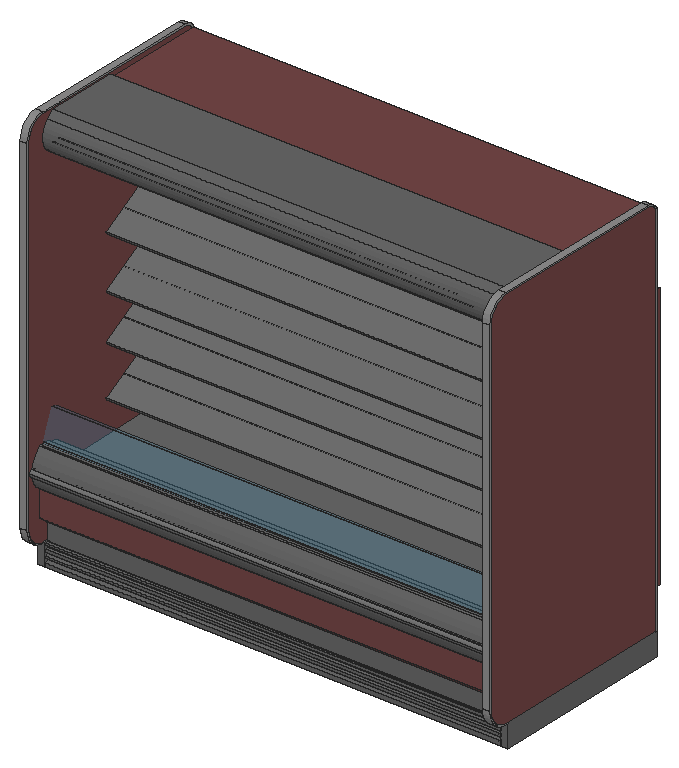
Revit family "O5MH-NRG-", category Mechanical Equipment, Revit 2015
Parameters (values of type "8'")
  Width = 43.11024"
  URL = "http://www.hillphoenix.com"
  TOP REFRIGERATION PIPING = yes
  TOP ELECTRICAL = yes
  TOEKICK [instance] = BLACK PAINTED METAL
  STAINLESS STEEL = GALVANIZED STEEL
  Refgn = 28 5/8"
  RT STD END = yes
  REFRIGERATION PIPING = COPPER PIPE
  RUBBER BUMPER [instance] = BLACK
  REAR REFRIGERATION PIPING = yes
  PAINTED METAL UPPER SHELF = PAINTED SHELVES
  PAINTED METAL INTERIOR [instance] = GALVANIZED STEEL
  PAINTED METAL EXTERIOR [instance] = CHARCOAL BROWN
  Model = "O5MH-NRG"  # constant formula
  Manufacturer = "HILLPHOENIX"  # constant formula
  Length = 96"
  Legend Number = Model  # "O5MH-NRG"
  LF STD END = yes
  Keynote = ""  # constant formula
  Item Description = Description  # "High Multi-Deck Merchandiser"
  Height = 85 5/8"  # constant formula
  GLASS = Glass
  EQUIPMENT MARK = Legend Number  # "O5MH-NRG"
  EQUIPMENT DESCRIPTION = Item Description  # "High Multi-Deck Merchandiser"
  Description = "High Multi-Deck Merchandiser"  # constant formula
  DRAIN PIPING = yes
  DRAIN LINE = 48"
  DESIGNERS NAME = "TAGrequest@hillphoenix.com"  # constant formula
  DATE = "DOE 2017"  # constant formula
  Certifications = "NSF 7, UL471, CSA"  # constant formula
  CENTER LINE = Length / 2  # 48"
  BOTTOM REFRIGERATION PIPING = yes
  BOTTOM ELECTRICAL = yes
  BASE [instance] = BLACK PAINTED METAL
  Assembly Code = ""
  20" Shelf = yes
Types (4): name | Refgn | Length | DRAIN LINE | CENTER LINE
  4' | 22 1/2" | 48" | 36" | 24"
  6' | 28 5/8" | 72" | 36" | 36"
  8' | 28 5/8" | 96" | 48" | 48"
  12' | 28 5/8" | 144" | 72" | 72"
Reference planes (in)
  plane 1: z = 0.01963
  plane 2 "LEFT": x = 0
  plane 3 "CASE RIGHT": x = 96
  plane 4: z = 0
  plane 5: y = -15.80744
  plane 6: x = 97.5
  plane 7: x = 48
  plane 8: z = 85.625
  plane 9: z = 29.72441
  plane 10: y = -58.91767
  plane 11: y = -44.43244
Forms (in)
  Extrusion 1, solid, material "BLACK PAINTED METAL" <- "BASE"
    sketch origin (0, 0, 0) x (0, 1, 0) y (0, 0, 1)
      loop
        line (-15.80744, 5.125) -> (-47.55744, 5.125) -> (-47.55744, 0) -> (-45.71494, 0) -> (-45.71494, 2.94807) -> (-17.58744, 2.94807) -> (-17.58744, 0) -> (-15.80744, 0) -> (-15.80744, 5.125)
    from 0 to 96
  Extrusion 2, solid, material "BLACK PAINTED METAL" <- "BASE"
    sketch origin (0, 0, 0) x (0, 1, 0) y (0, 0, 1)
      loop
        line (-50.20012, 5.125) -> (-53.93244, 8.13836) -> (-53.93244, 0.43216) -> (-47.55744, 0.43216) -> (-47.55744, 5.125) -> (-50.20012, 5.125)
    from 0 to 96
  Extrusion 3, solid, material "BLACK PAINTED METAL" <- "TOEKICK"
    sketch origin (0, 0, 0) x (0, 1, 0) y (0, 0, 1)
      loop
        line (-54.22902, 8.37781) -> (-54.22902, 4.78705) -> (-54.22902, 4.64409)
        arc (-54.22902, 4.64409) -> (-54.38049, 4.5454) -> (-54.55908, 4.51727) r 0.43232
        line (-54.55908, 4.51727) -> (-54.55908, 4.01727) -> (-54.48058, 4.01727) -> (-54.06179, 4.09724) -> (-54.19916, 3.66264)
        arc (-54.19916, 3.66264) -> (-54.3352, 3.43693) -> (-54.55908, 3.29789) r 0.56287
        line (-54.55908, 3.29789) -> (-54.55908, 2.79789) -> (-54.48058, 2.79789) -> (-54.06179, 2.88284) -> (-54.19916, 2.44327)
        arc (-54.19916, 2.44327) -> (-54.33489, 2.21725) -> (-54.55908, 2.07851) r 0.55931
        line (-54.55908, 2.07851) -> (-54.55908, 1.57851) -> (-54.48058, 1.57851) -> (-54.06179, 1.66347) -> (-54.18557, 1.22002)
        arc (-54.18557, 1.22002) -> (-54.3739, 0.95321) -> (-54.68244, 0.84617) r 0.53344
        line (-54.68244, 0.84617) -> (-54.68244, 0) -> (-53.93244, 0) -> (-53.93244, 8.13836) -> (-54.22902, 8.37781)
    from 0 to 96
  Extrusion 4, solid, material "BLACK PAINTED METAL" <- "BASE"
    sketch origin (0, 0, 0) x (0, 1, 0) y (0, 0, 1)
      loop
        line (-54.08842, 23.63966) -> (-55.88342, 23.63966)
        arc (-55.88342, 23.63966) -> (-56.11147, 23.59657) -> (-56.30808, 23.47323) r 0.625
        arc (-56.30808, 23.47323) -> (-57.57311, 21.90719) -> (-58.34013, 20.04588) r 7
        arc (-58.34013, 20.04588) -> (-57.79029, 19.89001) -> (-57.55126, 19.3709) r 0.68321
        arc (-57.55126, 19.3709) -> (-57.78012, 18.86067) -> (-58.31336, 18.69226) r 0.68321
        arc (-58.31336, 18.69226) -> (-57.85044, 17.31718) -> (-57.05436, 16.10416) r 5.68215
        line (-57.05436, 16.10416) -> (-56.24686, 16.10416) -> (-56.24686, 15.40325) -> (-54.30253, 15.40325) -> (-54.30253, 23.02696) -> (-54.08842, 23.02696) -> (-54.08842, 23.63966)
    from 0 to 96
  Extrusion 5, solid, material "BLACK PAINTED METAL" <- "BASE"
    sketch origin (0, 0, 0) x (0, 1, 0) y (0, 0, 1)
      loop
        arc (-54.30253, 13.448) -> (-52.47048, 9.13196) -> (-48.09313, 7.45166) r 6
        line (-48.09313, 7.45166) -> (-45.80791, 6.18488) -> (-43.17736, 6.18488) -> (-41.08634, 7.70386) -> (-23.60242, 8.33316)
        arc (-23.60242, 8.33316) -> (-19.4889, 10.16196) -> (-17.78682, 14.32951) r 6.03269
        line (-17.78682, 14.32951) -> (-17.78682, 15.93488) -> (-19.88009, 15.93488) -> (-19.88009, 18.45977)
        arc (-19.88009, 18.45977) -> (-20.03379, 18.16305) -> (-20.34015, 18.02959) r 0.49958
        line (-20.34015, 18.02959) -> (-24.07806, 17.76769) -> (-24.07806, 18.09271) -> (-52.13009, 17.60306) -> (-52.13009, 23.02696) -> (-54.30253, 23.02696) -> (-54.30253, 13.448)
    from 0 to 96
  Extrusion 6, solid, material "BLACK" <- "RUBBER BUMPER"
    sketch origin (0, 0, 0) x (0, 1, 0) y (0, 0, 1)
      loop
        circle (-58.23447, 19.3709) r 0.68321
    from 0 to 96
  Extrusion 7, solid, material "CHARCOAL BROWN" <- "PAINTED METAL EXTERIOR"
    sketch origin (0, 0, 0) x (0, 1, 0) y (0, 0, 1)
      loop
        line (-56.25153, 10.01073) -> (-50.20012, 5.125) -> (-15.80744, 5.125) -> (-15.80744, 84.85931) -> (-49.61236, 84.85931) -> (-49.61236, 82.88331) -> (-17.78682, 82.88331) -> (-17.78682, 14.32951)
        arc (-17.78682, 14.32951) -> (-19.4889, 10.16196) -> (-23.60242, 8.33316) r 6.03269
        line (-23.60242, 8.33316) -> (-41.08634, 7.70386) -> (-43.17736, 6.18488) -> (-45.80791, 6.18488) -> (-48.09313, 7.45166)
        arc (-48.09313, 7.45166) -> (-52.47048, 9.13196) -> (-54.30253, 13.448) r 6
        line (-54.30253, 13.448) -> (-54.30253, 15.40325) -> (-56.25153, 15.40325) -> (-56.25153, 10.01073)
    from 0 to 96
  Extrusion 8, solid, material "PAINTED SHELVES" <- "PAINTED METAL UPPER SHELF", visible <- "20" Shelf"
    sketch origin (0, 0, -4) x (0, 1, 0) y (0, 0, 1)
      loop
        line (-21.35295, 70.20331) -> (-38.67346, 60.20331) -> (-38.39346, 59.71834) -> (-33.54303, 62.51873) -> (-33.42454, 62.43073) -> (-23.59668, 67.02757)
        arc (-23.59668, 67.02757) -> (-22.92767, 67.20554) -> (-22.2355, 67.19321) r 2.5
        line (-22.2355, 67.19321) -> (-21.34247, 67.05211)
        arc (-21.34247, 67.05211) -> (-20.99563, 67.05822) -> (-20.67175, 67.18246) r 1
        line (-20.67175, 67.18246) -> (-19.87926, 67.64001) -> (-19.87926, 70.20331) -> (-21.35295, 70.20331)
    from 0 to 96
  Extrusion 9, solid, material "GALVANIZED STEEL" <- "STAINLESS STEEL"
    sketch origin (0, 0, 0) x (0, 1, 0) y (0, 0, 1)
      loop
        circle (-50.5347, 79.71783) r 0.5625
      loop
        circle (-52.30955, 79.73855) r 0.5625
    from 0 to 96
  Extrusion 10, solid, material "BLACK PAINTED METAL" <- "BASE"
    sketch origin (0, 0, 0) x (0, 1, 0) y (0, 0, 1)
      loop
        line (-37.64469, 84.85931) -> (-37.64469, 85.625) -> (-52.92557, 85.625)
        arc (-52.92557, 85.625) -> (-53.5312, 84.98172) -> (-54.15791, 84.35897) r 26.52952
        arc (-54.15791, 84.35897) -> (-55.42839, 81.54957) -> (-54.41081, 78.63901) r 4.15093
        arc (-54.41081, 78.63901) -> (-54.17377, 78.5415) -> (-53.95355, 78.67264) r 0.28654
        line (-53.95355, 78.67264) -> (-53.79968, 78.9127) -> (-53.73043, 79.14311) -> (-53.41173, 79.40128) -> (-53.19842, 80.55776) -> (-49.89581, 80.55776) -> (-48.19289, 79.49837) -> (-48.06435, 79.49837) -> (-48.06403, 82.88331) -> (-49.61236, 82.88331) -> (-49.61236, 84.85931) -> (-37.64469, 84.85931)
    from 0 to 96
  Extrusion 11, solid, material "GALVANIZED STEEL" <- "PAINTED METAL INTERIOR"
    sketch origin (0, 0, 0) x (0, 1, 0) y (0, 0, 1)
      loop
        line (-48.06405, 82.88331) -> (-48.06405, 79.52944)
        arc (-48.06405, 79.52944) -> (-48.03606, 79.47242) -> (-47.97687, 79.44936) r 0.08749
        line (-47.97687, 79.44936) -> (-47.63763, 79.44936)
        arc (-47.63763, 79.44936) -> (-47.62513, 79.46186) -> (-47.63763, 79.47436) r 0.0125
        line (-47.63763, 79.47436) -> (-47.97686, 79.47436)
        arc (-47.97686, 79.47436) -> (-48.02106, 79.49267) -> (-48.03936, 79.53686) r 0.0625
        line (-48.03936, 79.53686) -> (-48.03936, 80.47436) -> (-44.03816, 80.47436) -> (-44.03816, 79.53686)
        arc (-44.03816, 79.53686) -> (-44.05646, 79.49267) -> (-44.10066, 79.47436) r 0.0625
        line (-44.10066, 79.47436) -> (-44.47326, 79.47436)
        arc (-44.47326, 79.47436) -> (-44.48576, 79.46186) -> (-44.47326, 79.44936) r 0.0125
        line (-44.47326, 79.44936) -> (-44.10065, 79.44936)
        arc (-44.10065, 79.44936) -> (-44.03878, 79.47499) -> (-44.01316, 79.53685) r 0.08749
        line (-44.01316, 79.53685) -> (-44.01316, 80.75897) -> (-20.87311, 80.75897)
        arc (-20.87311, 80.75897) -> (-20.20195, 80.49895) -> (-19.87926, 79.85558) r 1
        line (-19.87926, 79.85558) -> (-19.87926, 15.93488) -> (-17.78682, 15.93488) -> (-17.78682, 82.88331) -> (-48.06405, 82.88331)
    from 0 to 96
  Extrusion 12, solid, material "BLACK PAINTED METAL" <- "BASE"
    sketch origin (0, 0, 0) x (0, 1, 0) y (0, 0, 1)
      loop
        arc (-44.10066, 79.47436) -> (-44.05646, 79.49267) -> (-44.03816, 79.53686) r 0.0625
        line (-44.03816, 79.53686) -> (-44.03816, 80.47436) -> (-48.03936, 80.47436) -> (-48.03936, 79.53686)
        arc (-48.03936, 79.53686) -> (-48.02106, 79.49267) -> (-47.97686, 79.47436) r 0.0625
        line (-47.97686, 79.47436) -> (-44.10066, 79.47436)
    from 0 to 96
  Extrusion 13, solid, material "BLACK PAINTED METAL" <- "BASE", visible <- "LF STD END"
    sketch origin (0, -2.3795, -30.67646) x (0, 1, 0) y (0, 0, 1)
      loop
        line (-12.92794, 30.67646) -> (-12.92794, 35.55146) -> (-52.30294, 35.55146) -> (-52.30294, 30.67646) -> (-12.92794, 30.67646)
    from 0 to -1.5
  Extrusion 14, solid, material "GALVANIZED STEEL" <- "STAINLESS STEEL", visible <- "LF STD END"
    sketch origin (0, 0, 0) x (0, 1, 0) y (0, 0, 1)
      loop
        arc (-59.05744, 81.875) -> (-57.88587, 84.70343) -> (-55.05744, 85.875) r 4
        line (-55.05744, 85.875) -> (-17.55744, 85.875)
        arc (-17.55744, 85.875) -> (-16.14322, 85.28921) -> (-15.55744, 83.875) r 2
        line (-15.55744, 83.875) -> (-15.55744, 4.875) -> (-15.30834, 4.875) -> (-15.30834, 83.87387)
        arc (-15.30834, 83.87387) -> (-15.96695, 85.4639) -> (-17.55699, 86.12251) r 2.24864
        line (-17.55699, 86.12251) -> (-55.05168, 86.12251)
        arc (-55.05168, 86.12251) -> (-58.05413, 84.87886) -> (-59.29778, 81.87642) r 4.24609
        line (-59.29778, 81.87642) -> (-59.29778, 8.8828)
        arc (-59.29778, 8.8828) -> (-57.92141, 5.74874) -> (-54.68244, 4.64158) r 4.25639
        line (-54.68244, 4.64158) -> (-54.68244, 4.875) -> (-55.05744, 4.875)
        arc (-55.05744, 4.875) -> (-57.88587, 6.04657) -> (-59.05744, 8.875) r 4
        line (-59.05744, 8.875) -> (-59.05744, 81.875)
    from 0 to -1.5
  Extrusion 15, solid, material "CHARCOAL BROWN" <- "PAINTED METAL EXTERIOR", visible <- "LF STD END"
    sketch origin (0, 0, 0) x (0, 1, 0) y (0, 0, 1)
      loop
        line (-59.05744, 81.875) -> (-59.05744, 8.875)
        arc (-59.05744, 8.875) -> (-57.88587, 6.04657) -> (-55.05744, 4.875) r 4
        line (-55.05744, 4.875) -> (-15.55744, 4.875) -> (-15.55744, 83.875)
        arc (-15.55744, 83.875) -> (-16.14322, 85.28921) -> (-17.55744, 85.875) r 2
        line (-17.55744, 85.875) -> (-55.05744, 85.875)
        arc (-55.05744, 85.875) -> (-57.88587, 84.70343) -> (-59.05744, 81.875) r 4
    from 0 to -1.5
  Extrusion 16, void
    sketch origin (0, 0, 0) x (1, 0, 0) y (0, 1, 0)
      loop
        circle (48, -44.30744) r 2
    from 0 to 4.875
  Extrusion 17, solid, material "COPPER PIPE" <- "REFRIGERATION PIPING", visible <- "DRAIN PIPING"
    sketch origin (0, 0, 0) x (1, 0, 0) y (0, 1, 0)
      loop
        circle (48, -44.30744) r 1.5
    from 2.62634 to 4.875
  Extrusion 18, void
    sketch origin (0, -15.80744, 84.85931) x (0, 0, 1) y (-1, 0, 0)
      loop
        circle (-70.35931, -92) r 2
    from 0 to 1.81288
  Extrusion 19, solid, material "COPPER PIPE" <- "REFRIGERATION PIPING", visible <- "REAR REFRIGERATION PIPING"
    sketch origin (72, -10.74044, 0) x (-1, 0, 0) y (0, 0, 1)
      loop
        circle (-20.8665, 14.5) r 0.5
      loop
        circle (-19.35422, 14.5) r 0.375
    from -6.87988 to -4.817
  Extrusion 20, void
    sketch origin (0, 0, 0) x (1, 0, 0) y (0, 1, 0)
      loop
        line (15.875, -53.02327) -> (28, -53.02327) -> (28, -49.19632) -> (15.875, -49.19632) -> (15.875, -53.02327)
    from 0.43216 to 2.48465
  Extrusion 21, solid, visible <- "BOTTOM ELECTRICAL"
    sketch origin (0, 0, 0) x (1, 0, 0) y (0, 1, 0)
      loop
        line (15.875, -53.02327) -> (28, -53.02327) -> (28, -49.19632) -> (15.875, -49.19632) -> (15.875, -53.02327)
    from 2.09522 to 2.48465
  Extrusion 22, solid, material "BLACK PAINTED METAL" <- "BASE", visible <- "RT STD END"
    sketch origin (78, -2.3795, -30.67646) x (0, 1, 0) y (0, 0, 1)
      loop
        line (-12.92794, 30.67646) -> (-12.92794, 35.55146) -> (-52.30294, 35.55146) -> (-52.30294, 30.67646) -> (-12.92794, 30.67646)
    from 19.5 to 18
  Extrusion 23, solid, material "GALVANIZED STEEL" <- "STAINLESS STEEL", visible <- "RT STD END"
    sketch origin (78, 0, 0) x (0, 1, 0) y (0, 0, 1)
      loop
        arc (-59.05744, 81.875) -> (-57.88587, 84.70343) -> (-55.05744, 85.875) r 4
        line (-55.05744, 85.875) -> (-17.55744, 85.875)
        arc (-17.55744, 85.875) -> (-16.14322, 85.28921) -> (-15.55744, 83.875) r 2
        line (-15.55744, 83.875) -> (-15.55744, 4.875) -> (-15.30834, 4.875) -> (-15.30834, 83.87387)
        arc (-15.30834, 83.87387) -> (-15.96695, 85.4639) -> (-17.55699, 86.12251) r 2.24864
        line (-17.55699, 86.12251) -> (-55.05168, 86.12251)
        arc (-55.05168, 86.12251) -> (-58.05413, 84.87886) -> (-59.29778, 81.87642) r 4.24609
        line (-59.29778, 81.87642) -> (-59.29778, 8.8828)
        arc (-59.29778, 8.8828) -> (-57.92141, 5.74874) -> (-54.68244, 4.64158) r 4.25639
        line (-54.68244, 4.64158) -> (-54.68244, 4.875) -> (-55.05744, 4.875)
        arc (-55.05744, 4.875) -> (-57.88587, 6.04657) -> (-59.05744, 8.875) r 4
        line (-59.05744, 8.875) -> (-59.05744, 81.875)
    from 19.5 to 18
  Extrusion 24, solid, material "CHARCOAL BROWN" <- "PAINTED METAL EXTERIOR", visible <- "RT STD END"
    sketch origin (78, 0, 0) x (0, 1, 0) y (0, 0, 1)
      loop
        line (-59.05744, 81.875) -> (-59.05744, 8.875)
        arc (-59.05744, 8.875) -> (-57.88587, 6.04657) -> (-55.05744, 4.875) r 4
        line (-55.05744, 4.875) -> (-15.55744, 4.875) -> (-15.55744, 83.875)
        arc (-15.55744, 83.875) -> (-16.14322, 85.28921) -> (-17.55744, 85.875) r 2
        line (-17.55744, 85.875) -> (-55.05744, 85.875)
        arc (-55.05744, 85.875) -> (-57.88587, 84.70343) -> (-59.05744, 81.875) r 4
    from 19.5 to 18
  Extrusion 25, solid, material "Glass" <- "GLASS"
    sketch origin (0, 0, 0) x (0, 1, 0) y (0, 0, 1)
      loop
        line (-51.75531, 29.24435) -> (-52.97386, 29.72441) -> (-55.29387, 23.83541) -> (-55.43093, 23.63966) -> (-54.08842, 23.63966) -> (-54.08842, 23.32141) -> (-51.75531, 29.24435)
    from 0 to 96
  Extrusion 26, solid, material "PAINTED SHELVES" <- "PAINTED METAL UPPER SHELF", visible <- "20" Shelf"
    sketch origin (0, 0, -15.07378) x (0, 1, 0) y (0, 0, 1)
      loop
        line (-21.35295, 70.20331) -> (-38.67346, 60.20331) -> (-38.39346, 59.71834) -> (-33.54303, 62.51873) -> (-33.42454, 62.43073) -> (-23.59668, 67.02757)
        arc (-23.59668, 67.02757) -> (-22.92767, 67.20554) -> (-22.2355, 67.19321) r 2.5
        line (-22.2355, 67.19321) -> (-21.34247, 67.05211)
        arc (-21.34247, 67.05211) -> (-20.99563, 67.05822) -> (-20.67175, 67.18246) r 1
        line (-20.67175, 67.18246) -> (-19.87926, 67.64001) -> (-19.87926, 70.20331) -> (-21.35295, 70.20331)
    from 0 to 96
  Extrusion 27, solid, material "PAINTED SHELVES" <- "PAINTED METAL UPPER SHELF", visible <- "20" Shelf"
    sketch origin (0, 0, -31.40748) x (0, 1, 0) y (0, 0, 1)
      loop
        line (-21.35295, 66.20331) -> (-38.67346, 56.20331) -> (-38.39346, 55.71834) -> (-33.54303, 58.51873) -> (-33.42454, 58.43073) -> (-23.59668, 63.02757)
        arc (-23.59668, 63.02757) -> (-22.92767, 63.20554) -> (-22.2355, 63.19321) r 2.5
        line (-22.2355, 63.19321) -> (-21.34247, 63.05211)
        arc (-21.34247, 63.05211) -> (-20.99563, 63.05822) -> (-20.67175, 63.18246) r 1
        line (-20.67175, 63.18246) -> (-19.87926, 63.64001) -> (-19.87926, 66.20331) -> (-21.35295, 66.20331)
    from 0 to 96
  Extrusion 28, solid, material "PAINTED SHELVES" <- "PAINTED METAL UPPER SHELF", visible <- "20" Shelf"
    sketch origin (0, 0, -20.69417) x (0, 1, 0) y (0, 0, 1)
      loop
        line (-21.35295, 66.20331) -> (-38.67346, 56.20331) -> (-38.39346, 55.71834) -> (-33.54303, 58.51873) -> (-33.42454, 58.43073) -> (-23.59668, 63.02757)
        arc (-23.59668, 63.02757) -> (-22.92767, 63.20554) -> (-22.2355, 63.19321) r 2.5
        line (-22.2355, 63.19321) -> (-21.34247, 63.05211)
        arc (-21.34247, 63.05211) -> (-20.99563, 63.05822) -> (-20.67175, 63.18246) r 1
        line (-20.67175, 63.18246) -> (-19.87926, 63.64001) -> (-19.87926, 66.20331) -> (-21.35295, 66.20331)
    from 0 to 96
  Extrusion 29, void
    sketch origin (0, 0, 0) x (1, 0, 0) y (0, 1, 0)
      loop
        circle (87.25, -44.47326) r 2
    from 0 to 4.875
  Extrusion 30, solid, material "COPPER PIPE" <- "REFRIGERATION PIPING", visible <- "BOTTOM REFRIGERATION PIPING"
    sketch origin (0, 0, 0) x (1, 0, 0) y (0, 1, 0)
      loop
        circle (88.14651, -44.43244) r 0.5
      loop
        circle (86.19861, -44.43244) r 0.375
    from 2.62634 to 4.875
  Extrusion 31, solid, material "CHARCOAL BROWN" <- "PAINTED METAL EXTERIOR", visible <- "TOP REFRIGERATION PIPING"
    sketch origin (0, 0, 0) x (1, 0, 0) y (0, 1, 0)
      loop
        line (84.25, -15.80744) -> (84.25, -13.05744) -> (95.75, -13.05744) -> (95.75, -15.80744) -> (96, -15.80744) -> (96, -12.80744) -> (84, -12.80744) -> (84, -15.80744) -> (84.25, -15.80744)
    from 12 to 68
  Extrusion 32, solid, material "COPPER PIPE" <- "REFRIGERATION PIPING", visible <- "TOP REFRIGERATION PIPING"
    sketch origin (0, 0, 0) x (1, 0, 0) y (0, 1, 0)
      loop
        circle (85.94266, -14.54799) r 0.5
      loop
        circle (88.33749, -14.54799) r 0.375
    from 55.12953 to 70.96684
Cuts and joins
  Extrusion 16, Extrusion 29 cuts Extrusion 1
  Extrusion 18 cuts Extrusion 5
  Extrusion 18 cuts Extrusion 7
  Extrusion 18 cuts Extrusion 11
  Extrusion 20 cuts Extrusion 2
Dimensions and locks (in)
  "Length": plane 2 "LEFT" to plane 3 "CASE RIGHT"
  "DRAIN LINE": plane 2 "LEFT" to plane 7
  locked: plane 3 "CASE RIGHT" to plane 6 at 1.5
  locked: Extrusion 16 sketch curve to plane 5 at 28.5
  locked: Extrusion 17 sketch curve to plane 5 at 28.5
  locked: cut or joined group of Extrusion 7, Extrusion 18 to Extrusion 20 sketch curve at 33.38888
  "Height": level to plane 8
  locked: plane 2 "LEFT" to Extrusion 21 sketch curve at 28
  plane 5 to Extrusion 10 = 39 5/8"
  Extrusion 8 to Extrusion 8 = 20"
  cut or joined group of Extrusion 2, Extrusion 20 to cut or joined group of Extrusion 2, Extrusion 20 = 6 3/8"
  plane 5 to cut or joined group of Extrusion 2, Extrusion 20 = 31 3/4"
  plane 5 to Extrusion 13 = 38 7/8"
  plane 4 to Extrusion 6 = 19.3709"
  cut or joined group of Extrusion 11, Extrusion 18 to cut or joined group of Extrusion 5, Extrusion 18 = 32.25083"
  plane 4 to cut or joined group of Extrusion 7, Extrusion 18 = 5 1/8"
  plane 4 to plane 9 to Extrusion 10 = 29.72441", 48.81632"
  Extrusion 25 to Extrusion 10 = 54.90106"
  "Width": plane 5 to plane 10
  "Refgn": plane 11 to plane 5
  locked: Extrusion 29 sketch curve to plane 11 at 0.04082
  locked: Extrusion 30 sketch curve to plane 11 at 0
  locked: Extrusion 32 sketch curve to Extrusion 31 at 10.05734
  aligned and locked: plane 3 "CASE RIGHT" to Extrusion 7
  aligned and locked: plane 3 "CASE RIGHT" to Extrusion 11
  aligned and locked: plane 3 "CASE RIGHT" to Extrusion 10
  aligned and locked: plane 3 "CASE RIGHT" to Extrusion 12
  aligned and locked: plane 3 "CASE RIGHT" to Extrusion 9
  aligned and locked: plane 3 "CASE RIGHT" to Extrusion 5
  aligned and locked: plane 3 "CASE RIGHT" to Extrusion 1
  aligned and locked: plane 3 "CASE RIGHT" to Extrusion 8
  aligned and locked: plane 3 "CASE RIGHT" to Extrusion 2
  aligned and locked: plane 3 "CASE RIGHT" to Extrusion 4
  aligned and locked: plane 3 "CASE RIGHT" to Extrusion 3
  aligned and locked: plane 3 "CASE RIGHT" to Extrusion 6
  aligned and locked: cut or joined group of Extrusion 2, Extrusion 20 to Extrusion 21 sketch curve
  aligned and locked: Extrusion 23 to plane 3 "CASE RIGHT"
  aligned and locked: plane 6 to Extrusion 23
  aligned and locked: Extrusion 24 to plane 3 "CASE RIGHT"
  aligned and locked: plane 6 to Extrusion 24
  aligned and locked: Extrusion 22 to plane 3 "CASE RIGHT"
  aligned and locked: plane 6 to Extrusion 22
  aligned and locked: Extrusion 20 to Extrusion 21
  aligned and locked: plane 3 "CASE RIGHT" to Extrusion 25
  aligned and locked: plane 3 "CASE RIGHT" to Extrusion 26
  aligned and locked: plane 3 "CASE RIGHT" to Extrusion 28
  aligned and locked: plane 3 "CASE RIGHT" to Extrusion 27
Automatic sketch dimensions
  Extrusion 1 sketch curve to level = 0"  (x3)
  Extrusion 1 sketch curve to plane 5 = 0"
  plane 5 to Extrusion 1 sketch curve = 1.78"
  plane 1 to Extrusion 1 sketch curve = 2.92844"
  Extrusion 1 sketch curve to Extrusion 1 sketch curve = 1.8425"
  Extrusion 1 sketch curve to Extrusion 1 sketch curve = 2.17693"
  Extrusion 2 sketch curve to Extrusion 2 sketch curve = 3.73232"
  Extrusion 2 sketch curve to Extrusion 2 sketch curve = 2.64268"
  plane 1 to Extrusion 2 sketch curve = 0.41253"
  plane 1 to Extrusion 2 sketch curve = 5.10537"
  Extrusion 2 sketch curve to Extrusion 2 sketch curve = 3.01336"
  Extrusion 3 sketch curve to level = 0"
  Extrusion 3 sketch curve to Extrusion 3 sketch curve = 0.00285"
  Extrusion 3 sketch curve to Extrusion 3 sketch curve = 0.03839"
  Extrusion 3 sketch curve to Extrusion 3 sketch curve = 0.01218"
  Extrusion 3 sketch curve to Extrusion 3 sketch curve = 0.17393"
  Extrusion 3 sketch curve to Extrusion 3 sketch curve = 0.17678"
  Extrusion 3 sketch curve to Extrusion 3 sketch curve = 0.13554"
  Extrusion 3 sketch curve to Extrusion 3 sketch curve = 0.02353"
  plane 1 to Extrusion 3 sketch curve = 1.55888"
  Extrusion 3 sketch curve to Extrusion 3 sketch curve = 0.0785"  (x3)
  Extrusion 3 sketch curve to Extrusion 3 sketch curve = 0.33006"
  Extrusion 3 sketch curve to Extrusion 3 sketch curve = 0.30652"
  Extrusion 3 sketch curve to Extrusion 3 sketch curve = 0.28142"  (x2)
  plane 1 to Extrusion 3 sketch curve = 2.42364"
  plane 1 to Extrusion 3 sketch curve = 1.20039"
  Extrusion 3 sketch curve to Extrusion 3 sketch curve = 0.29501"
  Extrusion 3 sketch curve to Extrusion 3 sketch curve = 0.41879"  (x3)
  plane 1 to Extrusion 3 sketch curve = 1.64384"
  Extrusion 3 sketch curve to Extrusion 3 sketch curve = 0.29658"
  Extrusion 3 sketch curve to Extrusion 3 sketch curve = 0.37385"
  Extrusion 3 sketch curve to Extrusion 3 sketch curve = 1/2"  (x3)
  Extrusion 3 sketch curve to Extrusion 3 sketch curve = 0.1878"
  Extrusion 3 sketch curve to Extrusion 3 sketch curve = 0.08495"
  Extrusion 3 sketch curve to Extrusion 3 sketch curve = 0.36475"
  Extrusion 3 sketch curve to Extrusion 3 sketch curve = 0.18499"
  Extrusion 3 sketch curve to Extrusion 3 sketch curve = 0.07997"
  Extrusion 3 sketch curve to Extrusion 3 sketch curve = 0.12681"
  Extrusion 3 sketch curve to Extrusion 3 sketch curve = 3.1894"
  Extrusion 3 sketch curve to Extrusion 3 sketch curve = 0.23945"
  Extrusion 3 sketch curve to Extrusion 3 sketch curve = 0.14297"
  Extrusion 3 sketch curve to Extrusion 3 sketch curve = 0"
  Extrusion 4 sketch curve to Extrusion 4 sketch curve = 0.8075"
  Extrusion 4 sketch curve to Extrusion 4 sketch curve = 1.94432"
  Extrusion 4 sketch curve to Extrusion 4 sketch curve = 0.21412"
  Extrusion 4 sketch curve to Extrusion 4 sketch curve = 1.34763"
  Extrusion 4 sketch curve to Extrusion 4 sketch curve = 1.18893"
  plane 1 to Extrusion 4 sketch curve = 15.38362"
  Extrusion 4 sketch curve to Extrusion 4 sketch curve = 0.70091"
  Extrusion 4 sketch curve to Extrusion 4 sketch curve = 2.93399"
  Extrusion 4 sketch curve to Extrusion 4 sketch curve = 1.46557"
  Extrusion 4 sketch curve to Extrusion 4 sketch curve = 0.0123"
  Extrusion 4 sketch curve to Extrusion 4 sketch curve = 5/8"
  Extrusion 5 sketch curve to Extrusion 5 sketch curve = 2.17244"
  Extrusion 5 sketch curve to Extrusion 5 sketch curve = 3.82756"
  Extrusion 5 sketch curve to Extrusion 5 sketch curve = 0.2094"
  Extrusion 5 sketch curve to Extrusion 5 sketch curve = 2.28522"
  Extrusion 5 sketch curve to Extrusion 5 sketch curve = 2.63055"
  Extrusion 5 sketch curve to Extrusion 5 sketch curve = 2.09102"
  plane 5 to Extrusion 5 sketch curve = 8.27062"
  Extrusion 5 sketch curve to Extrusion 5 sketch curve = 0.25864"
  Extrusion 5 sketch curve to Extrusion 5 sketch curve = 0.217"
  Extrusion 5 sketch curve to Extrusion 5 sketch curve = 3.70306"
  Extrusion 5 sketch curve to Extrusion 5 sketch curve = 0.4949"
  plane 5 to Extrusion 5 sketch curve = 1.97938"
  plane 1 to Extrusion 5 sketch curve = 6.16525"
  Extrusion 5 sketch curve to Extrusion 5 sketch curve = 1.26678"
  Extrusion 5 sketch curve to Extrusion 5 sketch curve = 1.51898"
  plane 1 to Extrusion 5 sketch curve = 8.31353"
  Extrusion 5 sketch curve to Extrusion 5 sketch curve = 5.99634"
  Extrusion 5 sketch curve to Extrusion 5 sketch curve = 1.60537"
  Extrusion 5 sketch curve to Extrusion 5 sketch curve = 4.15506"
  Extrusion 5 sketch curve to Extrusion 5 sketch curve = 3.40574"
  Extrusion 5 sketch curve to Extrusion 5 sketch curve = 0.32502"
  Extrusion 5 sketch curve to Extrusion 5 sketch curve = 2.52489"
  Extrusion 5 sketch curve to Extrusion 5 sketch curve = 0.06818"
  Extrusion 5 sketch curve to Extrusion 5 sketch curve = 5.4239"
  Extrusion 5 sketch curve to Extrusion 5 sketch curve = 0.03485"
  Extrusion 5 sketch curve to Extrusion 5 sketch curve = 0.00045"
  Extrusion 5 sketch curve to Extrusion 5 sketch curve = 0.00049"
  Extrusion 7 sketch curve to plane 5 = 0"
  plane 5 to Extrusion 7 sketch curve = 1.97938"
  plane 5 to Extrusion 7 sketch curve = 7.79498"
  Extrusion 7 sketch curve to Extrusion 7 sketch curve = 0.217"
  Extrusion 7 sketch curve to Extrusion 7 sketch curve = 2.09102"
  Extrusion 7 sketch curve to Extrusion 7 sketch curve = 2.63055"
  Extrusion 7 sketch curve to Extrusion 7 sketch curve = 2.28522"
  Extrusion 7 sketch curve to Extrusion 7 sketch curve = 0.2094"
  plane 8 to Extrusion 7 sketch curve = 0.76569"
  Extrusion 7 sketch curve to Extrusion 7 sketch curve = 2.10699"
  Extrusion 7 sketch curve to Extrusion 7 sketch curve = 1.949"
  plane 8 to Extrusion 7 sketch curve = 2.74169"
  plane 1 to Extrusion 7 sketch curve = 15.38362"
  plane 1 to Extrusion 7 sketch curve = 14.34232"
  Extrusion 7 sketch curve to Extrusion 7 sketch curve = 0.03244"
  Extrusion 7 sketch curve to Extrusion 7 sketch curve = 1.95525"
  Extrusion 7 sketch curve to Extrusion 7 sketch curve = 3.43727"
  Extrusion 7 sketch curve to Extrusion 7 sketch curve = 0.2522"
  Extrusion 7 sketch curve to Extrusion 7 sketch curve = 1.51898"
  plane 1 to Extrusion 7 sketch curve = 5.10537"
  Extrusion 8 sketch curve to Extrusion 8 sketch curve = 0.11849"
  plane 5 to Extrusion 8 sketch curve = 7.78924"
  Extrusion 8 sketch curve to Extrusion 8 sketch curve = 0.97101"
  Extrusion 8 sketch curve to Extrusion 8 sketch curve = 1.36117"
  Extrusion 8 sketch curve to Extrusion 8 sketch curve = 0.88255"
  Extrusion 8 sketch curve to Extrusion 8 sketch curve = 0.89303"
  Extrusion 8 sketch curve to Extrusion 8 sketch curve = 0.15607"
  Extrusion 8 sketch curve to Extrusion 8 sketch curve = 0.67072"
  Extrusion 8 sketch curve to Extrusion 8 sketch curve = 1.47369"
  plane 8 to Extrusion 8 sketch curve = 29.90666"
  Extrusion 8 sketch curve to Extrusion 8 sketch curve = 0.48497"
  Extrusion 8 sketch curve to Extrusion 8 sketch curve = 0.088"
  Extrusion 8 sketch curve to Extrusion 8 sketch curve = 5.47947"
  Extrusion 8 sketch curve to Extrusion 8 sketch curve = 2.30372"
  Extrusion 8 sketch curve to Extrusion 8 sketch curve = 0.1411"
  Extrusion 8 sketch curve to Extrusion 8 sketch curve = 0.13035"
  Extrusion 8 sketch curve to Extrusion 8 sketch curve = 0.45755"
  Extrusion 12 sketch curve to Extrusion 12 sketch curve = 4.00121"
  plane 8 to Extrusion 12 sketch curve = 6.15064"
  Extrusion 12 sketch curve to Extrusion 12 sketch curve = 1"
  Extrusion 13 sketch curve to level = 0"
  Extrusion 13 sketch curve to plane 5 = 1/2"
  plane 1 to Extrusion 13 sketch curve = 4.85537"
  Extrusion 14 sketch curve to Extrusion 14 sketch curve = 0.00575"
  Extrusion 14 sketch curve to Extrusion 14 sketch curve = 0.01604"
  Extrusion 14 sketch curve to Extrusion 14 sketch curve = 3/8"
  plane 5 to Extrusion 14 sketch curve = 1 3/4"
  Extrusion 14 sketch curve to Extrusion 14 sketch curve = 0.00045"
  Extrusion 14 sketch curve to plane 5 = 1/4"
  Extrusion 14 sketch curve to Extrusion 14 sketch curve = 0.2491"
  plane 1 to Extrusion 14 sketch curve = 4.62195"
  Extrusion 14 sketch curve to Extrusion 14 sketch curve = 0.23342"
  plane 1 to Extrusion 14 sketch curve = 4.85537"
  plane 8 to Extrusion 14 sketch curve = 3 3/4"
  Extrusion 14 sketch curve to Extrusion 14 sketch curve = 0.00142"
  Extrusion 15 sketch curve to plane 8 = 1/4"
  plane 5 to Extrusion 15 sketch curve = 1 3/4"
  Extrusion 15 sketch curve to plane 5 = 1/4"
  plane 1 to Extrusion 15 sketch curve = 8.85537"
  Extrusion 17 sketch curve to plane 7 = 0"
  Extrusion 18 sketch curve to Extrusion 7 = 4"
  Extrusion 18 sketch curve to Extrusion 7 = 9 3/8"
  Extrusion 19 sketch curve to plane 3 "CASE RIGHT" = 3.1335"
  Extrusion 19 sketch curve to Extrusion 19 sketch curve = 1.51228"
  plane 1 to Extrusion 19 sketch curve = 14.48037"
  Extrusion 19 sketch curve to Extrusion 19 sketch curve = 0"
  plane 2 "LEFT" to Extrusion 20 sketch curve = 15 7/8"
  Extrusion 20 sketch curve to plane 7 = 20"
  Extrusion 20 sketch curve to Extrusion 20 sketch curve = 3.82695"
  Extrusion 21 sketch curve to Extrusion 21 sketch curve = 12 1/8"
  Extrusion 22 sketch curve to level = 0"
  Extrusion 22 sketch curve to plane 5 = 1/2"
  plane 1 to Extrusion 22 sketch curve = 4.85537"
  Extrusion 23 sketch curve to Extrusion 23 sketch curve = 0.00575"
  Extrusion 23 sketch curve to Extrusion 23 sketch curve = 0.01604"
  Extrusion 23 sketch curve to Extrusion 23 sketch curve = 3/8"
  plane 5 to Extrusion 23 sketch curve = 1 3/4"
  Extrusion 23 sketch curve to Extrusion 23 sketch curve = 0.00045"
  Extrusion 23 sketch curve to plane 5 = 1/4"
  Extrusion 23 sketch curve to Extrusion 23 sketch curve = 0.2491"
  plane 1 to Extrusion 23 sketch curve = 4.62195"
  Extrusion 23 sketch curve to Extrusion 23 sketch curve = 0.23342"
  plane 1 to Extrusion 23 sketch curve = 4.85537"
  plane 8 to Extrusion 23 sketch curve = 3 3/4"
  Extrusion 23 sketch curve to Extrusion 23 sketch curve = 0.00142"
  Extrusion 24 sketch curve to plane 8 = 1/4"
  plane 5 to Extrusion 24 sketch curve = 1 3/4"
  Extrusion 24 sketch curve to plane 5 = 1/4"
  plane 1 to Extrusion 24 sketch curve = 8.85537"
  Extrusion 26 sketch curve to Extrusion 26 sketch curve = 0.11849"
  plane 5 to Extrusion 26 sketch curve = 7.78924"
  Extrusion 26 sketch curve to Extrusion 26 sketch curve = 0.97101"
  Extrusion 26 sketch curve to Extrusion 26 sketch curve = 1.36117"
  Extrusion 26 sketch curve to Extrusion 26 sketch curve = 0.88255"
  Extrusion 26 sketch curve to Extrusion 26 sketch curve = 0.89303"
  Extrusion 26 sketch curve to Extrusion 26 sketch curve = 0.15607"
  Extrusion 26 sketch curve to Extrusion 26 sketch curve = 0.67072"
  Extrusion 26 sketch curve to Extrusion 26 sketch curve = 1.47369"
  plane 8 to Extrusion 26 sketch curve = 40.98045"
  Extrusion 26 sketch curve to Extrusion 26 sketch curve = 0.48497"
  Extrusion 26 sketch curve to Extrusion 26 sketch curve = 0.088"
  Extrusion 26 sketch curve to Extrusion 26 sketch curve = 5.47947"
  Extrusion 26 sketch curve to Extrusion 26 sketch curve = 2.30372"
  Extrusion 26 sketch curve to Extrusion 26 sketch curve = 0.1411"
  Extrusion 26 sketch curve to Extrusion 26 sketch curve = 0.13035"
  Extrusion 26 sketch curve to Extrusion 26 sketch curve = 0.45755"
  Extrusion 27 sketch curve to Extrusion 27 sketch curve = 0.11849"
  plane 5 to Extrusion 27 sketch curve = 7.78924"
  Extrusion 27 sketch curve to Extrusion 27 sketch curve = 0.97101"
  Extrusion 27 sketch curve to Extrusion 27 sketch curve = 1.36117"
  Extrusion 27 sketch curve to Extrusion 27 sketch curve = 0.88255"
  Extrusion 27 sketch curve to Extrusion 27 sketch curve = 0.89303"
  Extrusion 27 sketch curve to Extrusion 27 sketch curve = 0.15607"
  Extrusion 27 sketch curve to Extrusion 27 sketch curve = 0.67072"
  Extrusion 27 sketch curve to Extrusion 27 sketch curve = 1.47369"
  level to Extrusion 27 sketch curve = 24.31086"
  Extrusion 27 sketch curve to Extrusion 27 sketch curve = 0.48497"
  Extrusion 27 sketch curve to Extrusion 27 sketch curve = 0.088"
  Extrusion 27 sketch curve to Extrusion 27 sketch curve = 5.47947"
  Extrusion 27 sketch curve to Extrusion 27 sketch curve = 2.30372"
  Extrusion 27 sketch curve to Extrusion 27 sketch curve = 0.1411"
  Extrusion 27 sketch curve to Extrusion 27 sketch curve = 0.13035"
  Extrusion 27 sketch curve to Extrusion 27 sketch curve = 0.45755"
  Extrusion 28 sketch curve to Extrusion 28 sketch curve = 0.11849"
  plane 5 to Extrusion 28 sketch curve = 7.78924"
  Extrusion 28 sketch curve to Extrusion 28 sketch curve = 0.97101"
  Extrusion 28 sketch curve to Extrusion 28 sketch curve = 1.36117"
  Extrusion 28 sketch curve to Extrusion 28 sketch curve = 0.88255"
  Extrusion 28 sketch curve to Extrusion 28 sketch curve = 0.89303"
  Extrusion 28 sketch curve to Extrusion 28 sketch curve = 0.15607"
  Extrusion 28 sketch curve to Extrusion 28 sketch curve = 0.67072"
  Extrusion 28 sketch curve to Extrusion 28 sketch curve = 1.47369"
  level to Extrusion 28 sketch curve = 35.02417"
  Extrusion 28 sketch curve to Extrusion 28 sketch curve = 0.48497"
  Extrusion 28 sketch curve to Extrusion 28 sketch curve = 0.088"
  Extrusion 28 sketch curve to Extrusion 28 sketch curve = 5.47947"
  Extrusion 28 sketch curve to Extrusion 28 sketch curve = 2.30372"
  Extrusion 28 sketch curve to Extrusion 28 sketch curve = 0.1411"
  Extrusion 28 sketch curve to Extrusion 28 sketch curve = 0.13035"
  Extrusion 28 sketch curve to Extrusion 28 sketch curve = 0.45755"
  plane 1 to Extrusion 6 sketch curve = 19.35127"
  Extrusion 7 sketch curve to Extrusion 7 sketch curve = 6.05141"
  Extrusion 8 sketch curve to Extrusion 8 sketch curve = 9.82786"
  Extrusion 8 sketch curve to Extrusion 8 sketch curve = 4.85043"
  Extrusion 8 sketch curve to Extrusion 8 sketch curve = 0.28"
  Extrusion 26 sketch curve to Extrusion 26 sketch curve = 9.82786"
  Extrusion 26 sketch curve to Extrusion 26 sketch curve = 4.85043"
  Extrusion 26 sketch curve to Extrusion 26 sketch curve = 0.28"
  Extrusion 27 sketch curve to Extrusion 27 sketch curve = 9.82786"
  Extrusion 27 sketch curve to Extrusion 27 sketch curve = 4.85043"
  Extrusion 27 sketch curve to Extrusion 27 sketch curve = 0.28"
  Extrusion 28 sketch curve to Extrusion 28 sketch curve = 9.82786"
  Extrusion 28 sketch curve to Extrusion 28 sketch curve = 4.85043"
  Extrusion 28 sketch curve to Extrusion 28 sketch curve = 0.28"
  Extrusion 29 sketch curve to plane 3 "CASE RIGHT" = 8 3/4"
  Extrusion 30 sketch curve to plane 3 "CASE RIGHT" = 9.80139"
  Extrusion 30 sketch curve to Extrusion 30 sketch curve = 1.9479"
  Extrusion 12 sketch curve to Extrusion 12 sketch curve = 1/16"  (x2)
  Extrusion 11 sketch curve to Extrusion 11 sketch curve = 1/16"  (x2)
  Extrusion 11 sketch curve to Extrusion 11 sketch curve = 0"  (x4)
  Extrusion 11 sketch curve to Extrusion 11 sketch curve = 0.33924"
  Extrusion 11 sketch curve to Extrusion 11 sketch curve = 0.025"
  plane 5 to Extrusion 11 sketch curve = 5.06714"
  Extrusion 11 sketch curve to Extrusion 11 sketch curve = 0.00147"
  Extrusion 11 sketch curve to Extrusion 11 sketch curve = 0.99532"
  plane 5 to Extrusion 11 sketch curve = 1.97938"
  plane 1 to Extrusion 11 sketch curve = 15.91525"
  plane 8 to Extrusion 11 sketch curve = 6.17564"
  Extrusion 11 sketch curve to Extrusion 11 sketch curve = 0.0125"  (x2)
  plane 8 to Extrusion 11 sketch curve = 5.86603"
  Extrusion 11 sketch curve to Extrusion 11 sketch curve = 0.0966"
  Extrusion 11 sketch curve to Extrusion 11 sketch curve = 15/16"
  plane 8 to Extrusion 11 sketch curve = 2.74169"
  Extrusion 11 sketch curve to Extrusion 11 sketch curve = 0.02469"
  Extrusion 25 sketch curve to Extrusion 25 sketch curve = 0.13706"
  Extrusion 25 sketch curve to Extrusion 25 sketch curve = 1.20545"
  plane 1 to Extrusion 25 sketch curve = 23.30178"
  Extrusion 25 sketch curve to Extrusion 25 sketch curve = 0.31825"
  Extrusion 25 sketch curve to Extrusion 25 sketch curve = 0.19575"
  Extrusion 25 sketch curve to Extrusion 25 sketch curve = 1.21855"
  Extrusion 25 sketch curve to Extrusion 25 sketch curve = 5.60469"
  Extrusion 25 sketch curve to Extrusion 25 sketch curve = 0.48006"
  plane 8 to Extrusion 10 sketch curve = 0"
  Extrusion 10 sketch curve to Extrusion 10 sketch curve = 0.15387"
  Extrusion 10 sketch curve to Extrusion 10 sketch curve = 0.06925"
  Extrusion 10 sketch curve to Extrusion 10 sketch curve = 0.3187"
  Extrusion 10 sketch curve to Extrusion 10 sketch curve = 0.21332"
  Extrusion 10 sketch curve to Extrusion 10 sketch curve = 0.27285"
  Extrusion 10 sketch curve to Extrusion 10 sketch curve = 1.3857"
  plane 8 to Extrusion 10 sketch curve = 0.76569"
  Extrusion 10 sketch curve to Extrusion 10 sketch curve = 3.31321"
  Extrusion 10 sketch curve to Extrusion 10 sketch curve = 1.70292"
  Extrusion 10 sketch curve to Extrusion 10 sketch curve = 0.12854"
  Extrusion 10 sketch curve to Extrusion 10 sketch curve = 1.54832"
  Extrusion 10 sketch curve to Extrusion 10 sketch curve = 1.976"
  Extrusion 10 sketch curve to Extrusion 10 sketch curve = 1.51709"
  Extrusion 10 sketch curve to Extrusion 10 sketch curve = 0.80846"
  Extrusion 10 sketch curve to Extrusion 10 sketch curve = 1.05939"
  Extrusion 10 sketch curve to Extrusion 10 sketch curve = 1.15648"
  Extrusion 10 sketch curve to Extrusion 10 sketch curve = 0.25817"
  Extrusion 10 sketch curve to Extrusion 10 sketch curve = 0.23041"
  Extrusion 10 sketch curve to Extrusion 10 sketch curve = 0.08543"
  Extrusion 10 sketch curve to plane 8 = 17.86129"
  Extrusion 10 sketch curve to Extrusion 10 sketch curve = 0"
  Extrusion 10 sketch curve to Extrusion 10 sketch curve = 0.24124"
  Extrusion 10 sketch curve to Extrusion 10 sketch curve = 1.91691"
  Extrusion 10 sketch curve to Extrusion 10 sketch curve = 0.24006"
  Extrusion 4 sketch curve to Extrusion 4 sketch curve = 1.259"
  Extrusion 4 sketch curve to Extrusion 4 sketch curve = 1.58088"
  Extrusion 10 sketch curve to Extrusion 10 sketch curve = 19.61607"
  Extrusion 14 sketch curve to Extrusion 14 sketch curve = 4"
  Extrusion 14 sketch curve to Extrusion 14 sketch curve = 0.24034"
  plane 8 to Extrusion 15 sketch curve = 3 3/4"
  Extrusion 21 sketch curve to Extrusion 21 sketch curve = 3.82695"
  Extrusion 23 sketch curve to Extrusion 23 sketch curve = 4"
  Extrusion 23 sketch curve to Extrusion 23 sketch curve = 0.24034"
  plane 8 to Extrusion 24 sketch curve = 3 3/4"
  Extrusion 4 sketch curve to plane 10 = 0.57755"
  Extrusion 4 sketch curve to Extrusion 4 sketch curve = 0"  (x2)
  Extrusion 4 sketch curve to plane 10 = 0.68321"
  Extrusion 4 sketch curve to plane 10 = 0.60431"
  Extrusion 4 sketch curve to Extrusion 4 sketch curve = 0.67864"
  Extrusion 1 sketch curve to plane 10 = 13.20274"
  Extrusion 2 sketch curve to plane 10 = 4.98524"
  Extrusion 3 sketch curve to plane 10 = 4.18182"
  Extrusion 5 sketch curve to Extrusion 5 sketch curve = 17.48392"
  Extrusion 6 sketch curve to plane 10 = 0.68321"
  Extrusion 7 sketch curve to Extrusion 7 sketch curve = 17.48392"
  Extrusion 7 sketch curve to plane 10 = 9.30532"
  plane 10 to Extrusion 10 sketch curve = 13.62396"
  Extrusion 10 sketch curve to Extrusion 10 sketch curve = 10.41935"
  Extrusion 11 sketch curve to plane 10 = 14.90452"
  Extrusion 11 sketch curve to Extrusion 11 sketch curve = 0.37261"
  Extrusion 11 sketch curve to Extrusion 11 sketch curve = 3.16437"
  Extrusion 12 sketch curve to plane 10 = 10.87831"
  Extrusion 13 sketch curve to plane 10 = 4.23524"
  Extrusion 14 sketch curve to plane 10 = 4.23524"
  Extrusion 14 sketch curve to plane 10 = 3.86599"
  Extrusion 15 sketch curve to plane 10 = 3.86024"  (x2)
  Extrusion 22 sketch curve to plane 10 = 4.23524"
  Extrusion 23 sketch curve to plane 10 = 4.23524"
  Extrusion 23 sketch curve to plane 10 = 3.86599"
  Extrusion 24 sketch curve to plane 10 = 3.86024"  (x2)
  Extrusion 25 sketch curve to plane 10 = 3.48674"
  Extrusion 30 sketch curve to Extrusion 30 sketch curve = 0"
  Extrusion 16 sketch curve to plane 7 = 0"
  Extrusion 31 sketch curve to plane 3 "CASE RIGHT" = 0"
  Extrusion 31 sketch curve to plane 5 = 3"
  Extrusion 31 sketch curve to plane 3 "CASE RIGHT" = 12"
  Extrusion 31 sketch curve to plane 5 = 0"
  Extrusion 31 sketch curve to Extrusion 31 sketch curve = 1/4"  (x2)
  Extrusion 31 sketch curve to plane 3 "CASE RIGHT" = 1/4"
  plane 5 to Extrusion 31 sketch curve = 0"  (x2)
  Extrusion 32 sketch curve to Extrusion 32 sketch curve = 2.39483"
  Extrusion 32 sketch curve to plane 5 = 1.25944"  (x2)
  radius of Extrusion 17 sketch curve = 1 1/2"
  radius of Extrusion 18 sketch curve = 2"
  radius of Extrusion 19 sketch curve = 1/2"
  radius of Extrusion 19 sketch curve = 3/8"
  radius of Extrusion 6 sketch curve = 0.68321"
  radius of Extrusion 29 sketch curve = 2"
  radius of Extrusion 30 sketch curve = 1/2"
  radius of Extrusion 30 sketch curve = 3/8"
  radius of Extrusion 16 sketch curve = 2"
  radius of Extrusion 32 sketch curve = 1/2"
  radius of Extrusion 32 sketch curve = 3/8"
Connectors (in)
  piping at (92.8665, -15.55744, 14.5), diameter 0.5
    settings: on Extrusion 19, index 1, connector inside diameter 1/2", connector length 0", flow factor 0, pipe flow 0 GPM, pressure drop 0.00 psi, fitting loss kfactor 0, connector angle 0.000°, fixture units 0, engagement length 0", angle of deflection 0.000°, flow configuration 0, flow direction 2, fitting loss method 0, system type 7, joint type 0, gender type 0, connector reference index -1, connector utility 0, adjustable connector no, is connector primary yes, connector description "SUCTION LINE CONNECTION"
  piping at (91.35422, -15.55744, 14.5), diameter 0.375
    settings: on Extrusion 19, index 2, connector inside diameter 3/8", connector length 0", flow factor 0, pipe flow 0 GPM, pressure drop 0.00 psi, fitting loss kfactor 0, connector angle 0.000°, fixture units 0, engagement length 0", angle of deflection 0.000°, flow configuration 0, flow direction 1, fitting loss method 0, system type 8, joint type 0, gender type 0, connector reference index -1, connector utility 0, adjustable connector no, is connector primary no, connector description "LIQUID LINE CONNECTION"
  piping at (48, -44.30744, 2.62634), diameter 1.5
    settings: on Extrusion 17, index 3, connector inside diameter 1 1/2", connector length 0", flow factor 0, pipe flow 0 GPM, pressure drop 0.00 psi, fitting loss kfactor 0, connector angle 0.000°, fixture units 0, engagement length 0", angle of deflection 0.000°, flow configuration 0, flow direction 2, fitting loss method 0, system type 16, joint type 0, gender type 0, connector reference index -1, connector utility 0, adjustable connector no, is connector primary no, connector description "SANITARY CONNECTION"
  electrical at (18.96209, -51.09935, 2.09522)
    settings: on Extrusion 21, index 13, voltage 120 V, apparent load 0 VA, apparent load phase1 0 VA, apparent load phase2 0 VA, apparent load phase3 0 VA, power factor 1, load classification "Lighting", number of poles 1, system type 30, power factor state 1, is connector primary yes, connector utility no, sub classification motor no, connector description "LIGHTS - STANDARD POWER (SHELF or CORNICE)"
  electrical at (21.96209, -51.09935, 2.09522)
    settings: on Extrusion 21, index 14, voltage 120 V, apparent load 0 VA, apparent load phase1 0 VA, apparent load phase2 0 VA, apparent load phase3 0 VA, power factor 1, load classification "Motor", number of poles 1, system type 30, power factor state 1, is connector primary no, connector utility no, sub classification motor no, connector description "HIGH EFFICIENCY FANS CONNECTION"
  electrical at (24.5542, -51.12158, 2.09522)
    settings: on Extrusion 21, index 18, voltage 208 V, apparent load 0 VA, apparent load phase1 0 VA, apparent load phase2 0 VA, apparent load phase3 0 VA, power factor 1, load classification "Other", number of poles 1, system type 30, power factor state 1, is connector primary no, connector utility no, sub classification motor no, connector description "DEFROST HEATER CONNECTION"
  piping at (88.14651, -44.43244, 2.62634), diameter 0.5
    settings: on Extrusion 30, index 19, connector inside diameter 24", connector length 0", flow factor 0, pipe flow 0 GPM, pressure drop 0.00 psi, fitting loss kfactor 0, connector angle 0.000°, fixture units 0, engagement length 0", angle of deflection 0.000°, flow configuration 0, flow direction 2, fitting loss method 0, system type 7, joint type 0, gender type 0, connector reference index -1, connector utility 0, adjustable connector no, is connector primary no, connector description "SUCTION LINE CONNECTION"
  piping at (86.19861, -44.43244, 2.62634), diameter 0.375
    settings: on Extrusion 30, index 20, connector inside diameter 24", connector length 0", flow factor 0, pipe flow 0 GPM, pressure drop 0.00 psi, fitting loss kfactor 0, connector angle 0.000°, fixture units 0, engagement length 0", angle of deflection 0.000°, flow configuration 0, flow direction 1, fitting loss method 0, system type 8, joint type 0, gender type 0, connector reference index -1, connector utility 0, adjustable connector no, is connector primary no, connector description "LIQUID LINE CONNECTION"
  piping at (88.33749, -14.54799, 70.96684), diameter 0.375
    settings: on Extrusion 32, index 21, connector inside diameter 24", connector length 0", flow factor 0, pipe flow 0 GPM, pressure drop 0.00 psi, fitting loss kfactor 0, connector angle 0.000°, fixture units 0, engagement length 0", angle of deflection 0.000°, flow configuration 0, flow direction 1, fitting loss method 0, system type 8, joint type 0, gender type 0, connector reference index -1, connector utility 0, adjustable connector no, is connector primary no, connector description "LIQUID LINE CONNECTION"
  piping at (85.94266, -14.54799, 70.96684), diameter 0.5
    settings: on Extrusion 32, index 22, connector inside diameter 24", connector length 0", flow factor 0, pipe flow 0 GPM, pressure drop 0.00 psi, fitting loss kfactor 0, connector angle 0.000°, fixture units 0, engagement length 0", angle of deflection 0.000°, flow configuration 0, flow direction 2, fitting loss method 0, system type 7, joint type 0, gender type 0, connector reference index -1, connector utility 0, adjustable connector no, is connector primary no, connector description "SUCTION LINE CONNECTION"
